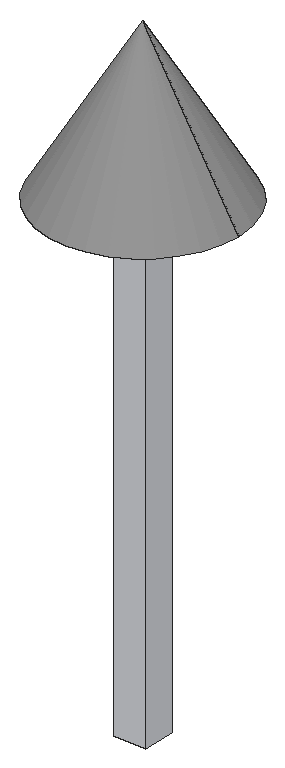
Revit family "Z axis", category Modelli generici, Revit 2025
Family settings
  Può ospitare armatura = No
  Quota connettore circolare = Usa diametro
  Tipo di parte = Normale
  Basato su piano di lavoro = No
  Sempre verticale = No
  Taglio con vuoti quando caricato = No
  Mantieni orientamento annotazione = No
  Condiviso = No
  Punto di calcolo locali = No
Parameters
  Prospetto di default = 0 mm
  CylinderRadius [instance] = Arrowlength / 30  # 50 mm
  Arrowtip [instance] = Arrowlength / 3  # 500 mm
  Arrowradius [instance] = Arrowlength / 5  # 300 mm
  Arrowlength [instance] = 1500 mm
Reference planes
  plane 1 "Centro (Fronte/Retro)": y = 0
  plane 2: z = 0
  plane 3 "Centro (Sinistra/Destra)": x = 0
  plane 4: z = 1500
  plane 5 "Cone": z = 2000
  plane 6: x = -300
Forms (mm)
  Revolve 1, solid, material "Z axis"
    sketch origin (0, 0, 0) x (1, 0, 0) y (0, 0, 1)
      loop
        line (0, 2000) -> (-300, 1500) -> (0, 1500) -> (0, 2000)
      axis (0, 2000) -> (0, 1500)
    angle from 0 to 360
  Extrusion 2, solid
    sketch origin (0, 0, 0) x (1, 0, 0) y (0, 1, 0)
      loop
        line (0, 50) -> (-50, 50) -> (-50, -50) -> (50, -50) -> (50, 50) -> (0, 50)
    from 0 to 1500
Dimensions and locks
  "Arrowlength": plane 4 to level
  "Arrowtip": plane 5 "Cone" to plane 4
  "Arrowradius": plane 3 "Centro (Sinistra/Destra)" to plane 6
  "CylinderRadius": Extrusion 2 to plane 3 "Centro (Sinistra/Destra)"
  "CylinderRadius": Extrusion 2 to plane 1 "Centro (Fronte/Retro)"  (x2)
  "CylinderRadius": plane 3 "Centro (Sinistra/Destra)" to Extrusion 2
  aligned and locked: level to plane 2
Automatic sketch dimensions
  Revolve 1 sketch curve to plane 4 = 0 mm  (x2)
  Revolve 1 sketch curve to plane 6 = 0 mm
  Revolve 1 sketch curve to plane 3 "Centro (Sinistra/Destra)" = 0 mm  (x2)
  Revolve 1 sketch curve to level = 0 mm
  Revolve 1 sketch curve to plane 5 "Cone" = 0 mm
  Extrusion 2 sketch curve to plane 3 "Centro (Sinistra/Destra)" = 0 mm
  Extrusion 2 sketch curve to plane 3 "Centro (Sinistra/Destra)" = 50 mm
  plane 3 "Centro (Sinistra/Destra)" to Extrusion 2 sketch curve = 50 mm
  plane 1 "Centro (Fronte/Retro)" to Extrusion 2 sketch curve = 50 mm
  Extrusion 2 sketch curve to plane 1 "Centro (Fronte/Retro)" = 50 mm
